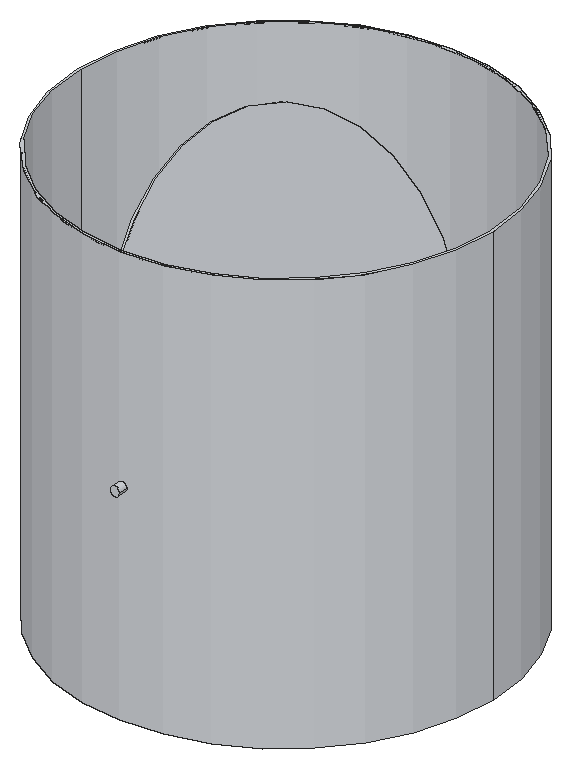
Revit family "20502_CBRL", category Air Terminals, Revit 2012
Parameters (values of type "CBRL")
  Visible_Texto = or(Diametro_Requerido < 4", Diametro_Requerido > 14", Diametro_Requerido = 13")  # no
  Var1 = if(Diametro_Requerido < 4", 4", if(Diametro_Requerido > 14", 14", if(Diametro_Requerido = 13", 12", Diametro_Requerido)))  # 12"
  URL = "https://www.innes.com.mx"
  Type Comments = "Operación por medio de cuadrante manual"
  Tipo de Cuello = "Redondo"
  Radio_int_A = Radio_A - 1/16"  # 5 7/8"
  Radio_A = (Var1 - 1/8") / 2  # 5 15/16"
  Posición de Instalación = "Horizontal/Vertical"
  Nota1 = if(Diametro_Requerido < 4", "Diámetro  no disponible, mínimo 4 in", if(Diametro_Requerido > 14", "Diámetro  no disponible, máximo 14 in", if(Diametro_Requerido = 13", "Diámetro no válido", ".")))  # "."
  Model = "CBRL"
  Material = "Acero"
  Manufacturer = "INNES"
  Keynote = ""
  Incrementos de Cuello = "de 1\", excepto 13\""
  Función = "Balance"
  Diametro_Requerido = 12"
  Description = "Compuerta redonda ligera"
  Cuello Mín-Máx. = "4\" a 14\""
  Conect = (Var1 - 1" / 8) / 2  # 5 15/16"
  Altura_compuerta = Altura_H / 2  # 6"
  Altura_H = Var1  # 12"
Reference planes (in)
  plane 1 "Center (Front/Back)": y = 0
  plane 2: z = 0
  plane 3 "Center (Left/Right)": x = 0
  plane 4: z = 12
  plane 5 "Altura compuerta": z = 6
  plane 6: z = 6.0625
  plane 7: z = 12
Forms (in)
  Extrusion 1, solid
    sketch origin (0, 0, 0) x (1, 0, 0) y (0, 1, 0)
      loop
        circle (0, 0) r 5.9375
      loop
        circle (0, 0) r 5.875
    from 0 to 12
  Extrusion 2, solid
    sketch origin (-0.02917, 0, 6.49282) x (-0.358368, 0, 0.93358) y (0, -1, 0)
      loop
        circle (0, 0) r 5.875
      loop
        line (0.19213, 1.48495) -> (0.19213, 1.6213) -> (-0.18482, 1.6213) -> (-0.18482, 1.48495) -> (0.19213, 1.48495)
      loop
        line (0.19213, -1.51505) -> (0.19213, -1.3787) -> (-0.18482, -1.3787) -> (-0.18482, -1.51505) -> (0.19213, -1.51505)
    from 0 to 0.0625
  Extrusion 3, solid, not visible
    sketch origin (-0.02917, 0, 3.22714) x (-0.358368, 0, 0.93358) y (0, -1, 0)
      loop
        circle (0, 0) r 5.875
      loop
        line (0.19213, 1.48495) -> (0.19213, 1.6213) -> (-0.18482, 1.6213) -> (-0.18482, 1.48495) -> (0.19213, 1.48495)
      loop
        line (0.19213, -1.51505) -> (0.19213, -1.3787) -> (-0.18482, -1.3787) -> (-0.18482, -1.51505) -> (0.19213, -1.51505)
    from 0 to 0.0625
Dimensions and locks (in)
  "Altura_H": plane 4 to level
  "Altura_compuerta": plane 5 "Altura compuerta" to level
  locked: plane 6 to plane 5 "Altura compuerta" at 0.0625
  plane 3 "Center (Left/Right)" to Extrusion 1 = 5 15/16"
  "Radio_A": radius of Extrusion 1 sketch curve
  "Radio_int_A": radius of Extrusion 1 sketch curve
  "Radio_int_A": radius of Extrusion 2 sketch curve
  "Radio_int_A": radius of Extrusion 3 sketch curve
  aligned and locked: plane 2 to level
  aligned and locked: plane 4 to Extrusion 1
  aligned and locked: plane 5 "Altura compuerta" to nested 1
  aligned and locked: nested 2 to plane 5 "Altura compuerta"
  aligned and locked: plane 7 to Extrusion 2
  aligned and locked: plane 7 to plane 4
  aligned and locked: plane 1 "Center (Front/Back)" to Extrusion 2
Automatic sketch dimensions
  Extrusion 1 sketch curve to Extrusion 1 sketch curve = 0"  (x2)
  plane 1 "Center (Front/Back)" to Extrusion 1 sketch curve = 0"
  Extrusion 1 sketch curve to plane 3 "Center (Left/Right)" = 0"
  Extrusion 2 sketch curve to Extrusion 2 sketch curve = 0"
  Extrusion 2 sketch curve to Extrusion 2 sketch curve = 0.18482"
  Extrusion 2 sketch curve to Extrusion 2 sketch curve = 0.37696"  (x2)
  Extrusion 2 sketch curve to Extrusion 2 sketch curve = 0.13635"  (x2)
  Extrusion 2 sketch curve to Extrusion 2 sketch curve = 1.3787"
  Extrusion 2 sketch curve to Extrusion 2 sketch curve = 1.48495"
  Extrusion 3 sketch curve to Extrusion 3 sketch curve = 0"
  Extrusion 3 sketch curve to Extrusion 3 sketch curve = 0.18482"
  Extrusion 3 sketch curve to Extrusion 3 sketch curve = 0.37696"  (x2)
  Extrusion 3 sketch curve to Extrusion 3 sketch curve = 0.13635"  (x2)
  Extrusion 3 sketch curve to Extrusion 3 sketch curve = 1.3787"
  Extrusion 3 sketch curve to Extrusion 3 sketch curve = 1.48495"
Nested families (in)
  nested 1: "Ensamble CBRL" at (-0.01308, 5.93749, 6) x (0, 0, 1) z (-0.0022, 1, 0), type "Ensamble CBRL"
  nested 2: "Ensamble 2  CBRL" at (0.06826, -5.93711, 6) x (0.9999, 0.0115, 0) z (0.0115, -0.9999, 0), type "Ensamble 2  CBRL"
  nested 3: "Texto_CBRL" at (32.99303, -27.48495, 0), type "texto"
    with Visible_Texto no
Connectors (in)
  hvac at (0, 0, 12), driven by "Conect"
    settings: on Extrusion 1, index 1, duct flow 0 CFM, flow factor 0, pres drop 0.00 in-wg, loss coef 0, conn angle 0.00°, conn width 12", conn height 12", conn radius 5 15/16", duct sys type 1, conn prof type 0, flow config 0, flow direction 0, loss method 0, conn ref index -1, conn util no, is conn primary yes, conn desc ""
  hvac at (0, 0, 0), driven by "Conect"
    settings: on Extrusion 1, index 2, duct flow 0 CFM, flow factor 0, pres drop 0.00 in-wg, loss coef 0, conn angle 0.00°, conn width 12", conn height 12", conn radius 5 15/16", duct sys type 1, conn prof type 0, flow config 0, flow direction 0, loss method 0, conn ref index -1, conn util no, is conn primary no, conn desc ""
Definition of nested family "Ensamble CBRL"
  Parameters (values of type "Ensamble CBRL")
    Default Elevation = 48"
  Reference planes (in)
    plane 1 "Center (Front/Back)": y = 0
    plane 2: z = 0
    plane 3 "Center (Left/Right)": x = 0
  Forms (in)
    Extrusion 1, solid
      sketch origin (0, 0, 0) x (1, 0, 0) y (0, 1, 0)
        loop
          line (-48, 48) -> (-48, -48) -> (48, -48) -> (48, 48) -> (-48, 48)
      from 0 to -12
    Extrusion 2, solid
      sketch origin (0, 0, 0) x (1, 0, 0) y (0, 1, 0)
        loop
          circle (0, 0) r 0.125
      from 0 to 1
    Extrusion 3, solid
      sketch origin (0, 0, 0) x (1, 0, 0) y (0, 1, 0)
        loop
          arc (-0.125, 1.67139) -> (-0.07888, 0.90557) -> (-0.125, 0.13975) r 6.38165
          arc (-0.125, 0.13975) -> (-0.18651, -0.01929) -> (-0.09375, -0.16238) r 0.1875
          arc (-0.09375, -0.16238) -> (-0.048, -0.20813) -> (-0.03125, -0.27063) r 0.125
          line (-0.03125, -0.27063) -> (-0.03125, -0.34249)
          arc (-0.03125, -0.34249) -> (0, -0.37374) -> (0.03125, -0.34249) r 0.03125
          line (0.03125, -0.34249) -> (0.03125, -0.27167)
          arc (0.03125, -0.27167) -> (0.04813, -0.20845) -> (0.09429, -0.16207) r 0.1268
          arc (0.09429, -0.16207) -> (0.18654, -0.01898) -> (0.125, 0.13975) r 0.1875
          arc (0.125, 0.13975) -> (0.0843, 0.90557) -> (0.125, 1.67139) r 7.22441
          arc (0.125, 1.67139) -> (0, 1.79639) -> (-0.125, 1.67139) r 0.125
        loop
          circle (0, 1.67139) r 0.06337
        loop
          circle (0, 0.30702) r 0.06344
        loop
          circle (0, 0) r 0.125
      from 0 to 0.125
  Dimensions and locks (in)
    aligned and locked: plane 2 to Extrusion 1
    aligned and locked: level to Extrusion 1
Definition of nested family "Ensamble 2  CBRL"
  Parameters (values of type "Ensamble 2  CBRL")
    Default Elevation = 48"
  Reference planes (in)
    plane 1 "Center (Front/Back)": y = 0
    plane 2: z = 0
    plane 3 "Center (Left/Right)": x = 0
  Forms (in)
    Extrusion 1, solid
      sketch origin (0, 0, 0) x (1, 0, 0) y (0, 1, 0)
        loop
          line (-48, 48) -> (-48, -48) -> (48, -48) -> (48, 48) -> (-48, 48)
      from 0 to -12
    Extrusion 2, solid
      sketch origin (0, 0, 0) x (1, 0, 0) y (0, 1, 0)
        loop
          circle (0, 0) r 0.125
      from 0 to 0.25
  Dimensions and locks (in)
    aligned and locked: plane 2 to Extrusion 1
    aligned and locked: level to Extrusion 1
Definition of nested family "Texto_CBRL"
  Parameters (values of type "texto")
    texto = "Diámetro  no disponible, máximo 14 in"
    Visible_Texto = yes
    Color = rojo
  Reference planes (in)
    plane 1 "Center (Front/Back)": y = 0
    plane 2: z = 0
    plane 3 "Center (Left/Right)": x = 0
